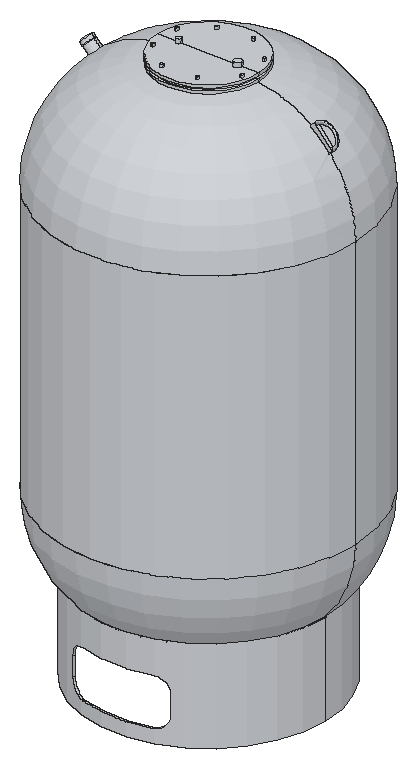
Revit family "TXA-500", category Mechanical Equipment, Revit 2014
Parameters (values of type "TXA-500")
  Void = 10"
  URL = "http://westank.com/"
  TankVolume = "132 Gallons"
  PartNumber = "20010500"
  OuterRadius = F / 2  # 12"
  Model = "TXA-500"
  MaximumOperatingTemperature = "240°F"
  MaximumOperatingPressure = "150 PSIG"
  Manufacturer = "Wessels Company"
  InnerRadius = (F * 0.9844) / 2  # 11.8128"
  HandleAngle = 35.00°
  G = 4 3/4"
  F = 24"
  C = 2"
  BottomOfTheCylinder = 6.11811"
  B = 57"
  ApproximateShipmentWeight = "347 lbs"
  AngleHeight = B * 0.7878  # 44.9046"
  Angle = 35.00°
  A = 30"
Reference planes (in)
  plane 1 "Center (Front/Back)": y = 0
  plane 2: z = 0
  plane 3 "Center (Left/Right)": x = 0
  plane 4: x = -15
  plane 5: x = -3
  plane 6: x = 3
  plane 7: z = 6.11811
  plane 8: y = 1.9685
  plane 9: y = -1.9685
  plane 10: x = 2.1751
  plane 11: x = -2.1751
  plane 12: z = 57
  plane 13: x = 15
  plane 14: z = 44.9046
  plane 15: x = -1
  plane 16: x = 1
  plane 17: z = 1.94094
  plane 18: x = 5.5
  plane 19: y = 0.11793
  plane 20: y = -0.11793
  plane 21: x = -15
  plane 22: x = 15
  plane 23: x = -12
  plane 24: x = 12
  plane 25: z = 56.818
  plane 26: z = 4.75
Forms (in)
  Revolve 1, solid
    sketch origin (0, 0, -5.125) x (1, 0, 0) y (0, 0, 1)
      loop
        line (0, 60.97933) -> (-4.67524, 60.97933)
        arc (-4.67524, 60.97933) -> (-12.02054, 57.44995) -> (-15, 49.86492) r 11.14461
        line (-15, 49.86492) -> (-15, 22.25504)
        arc (-15, 22.25504) -> (-12.22583, 14.91432) -> (-5.29009, 11.24311) r 11.09923
        line (-5.29009, 11.24311) -> (0, 11.24311) -> (0, 60.97933)
      axis (0, 60.97933) -> (0, 11.24311)
    angle from 0 to 360
  Extrusion 2, solid
    sketch origin (0, 0, 0) x (1, 0, 0) y (0, 1, 0)
      loop
        circle (0, 0) r 12
      loop
        circle (0, 0) r 11.8128
    from 14.91175 to 0
  Revolve 3, solid
    sketch origin (0, 0, 0) x (1, 0, 0) y (0, 0, 1)
      loop
        line (0, 56.64567) -> (0, 55.85433) -> (5.11891, 55.85433) -> (5.11891, 56.10433) -> (4.86891, 56.10433) -> (4.86891, 56.38832) -> (5.11891, 56.38832) -> (5.11891, 56.64567) -> (0, 56.64567)
      axis (0, 56.64567) -> (0, 55.85433)
    angle from 0 to 360
  Extrusion 4, solid
    sketch origin (-60.41868, -180, 55.85433) x (-1, 0, 0) y (0, -1, 0)
      loop
        circle (-57.41868, -180) r 0.25
      loop
        circle (-63.41868, -180) r 0.375
    from 1.14567 to 0.79134
  Revolve 5, solid
    sketch origin (-7.31158, 0, 48.6872) x (-0.707848, 0, 0.706364) y (-0.706364, 0, -0.707848)
      loop
        line (5.51677, 0) -> (5.51677, -0.64856) -> (6.78908, -0.64856) -> (6.81239, -0.67188) -> (7.15285, -0.67188)
        arc (7.15285, -0.67188) -> (7.26101, -0.34361) -> (7.22367, 0) r 0.81647
        line (7.22367, 0) -> (5.51677, 0)
      axis (5.51677, 0) -> (7.22367, 0)
    angle from 0 to 360
  Sweep 6, solid
    path origin (7.35449, 0, 49.12399) x (0.738543, 0, 0.674206) y (-0.674206, 0, 0.738543)
      loop
        arc (6.10198, 1.25) -> (7.35198, 0) -> (6.10198, -1.25) r 1.25
    profile origin (12.78424, 0, 54.08074) x (0.738543, 0, 0.674206) y (0, -1, 0)
      loop
        circle (0, 0) r 0.11811
  Extrusion 7, solid
    sketch origin (-0.375, -180, 1.94094) x (-1, 0, 0) y (0, -1, 0)
      loop
        circle (-0.375, -180) r 1
    from 2.80906 to 4.17717
  Extrusion 8, solid
    sketch origin (3.75409, 0, 45.83723) x (0.738543, 0, 0.674206) y (-0.674206, 0, 0.738543)
      loop
        line (10.97698, 1.36811) -> (10, 1.36811) -> (10, -1.35833) -> (10.97698, -1.35833) -> (10.97698, 1.36811)
    from 0.11793 to -0.11793
  Extrusion 9, solid
    sketch origin (-125.52133, 138.32342, 1.94094) x (0.743145, 0.66913, 0) y (-0.66913, 0.743145, 0)
      loop
        circle (1.625, -182.73886) r 0.14471
    from 54.87705 to 54.70472
  Extrusion 10, solid
    sketch origin (11.37747, 186.43906, 1.94094) x (0.997899, -0.064782, 0) y (0.064782, 0.997899, 0)
      loop
        circle (1.87447, -182.72266) r 0.14471
    from 54.87705 to 54.70472
  Extrusion 11, solid
    sketch origin (141.40967, 122.03391, 1.94094) x (0.650395, -0.759596, 0) y (0.759596, 0.650395, 0)
      loop
        circle (1.9502, -182.35906) r 0.14471
    from 54.87705 to 54.70472
  Extrusion 12, solid
    sketch origin (186.09748, -16.02186, 1.94094) x (-0.089639, -0.995974, 0) y (0.995974, -0.089639, 0)
      loop
        circle (1.58018, -182.24087) r 0.14471
    from 54.87705 to 54.70472
  Extrusion 13, solid
    sketch origin (118.47064, -144.40803, 1.94094) x (-0.775574, -0.631257, 0) y (0.631257, -0.775574, 0)
      loop
        circle (1.625, -182.73886) r 0.14471
    from 54.87705 to 54.70472
  Extrusion 14, solid
    sketch origin (-20.65629, -185.64021, 1.94094) x (-0.99343, 0.114441, 0) y (-0.114441, -0.99343, 0)
      loop
        circle (1.87336, -182.71025) r 0.14471
    from 54.87705 to 54.70472
  Extrusion 15, solid
    sketch origin (-147.31662, -114.83373, 1.94094) x (-0.611725, 0.79107, 0) y (-0.79107, -0.611725, 0)
      loop
        circle (1.93086, -182.34332) r 0.14471
    from 54.87705 to 54.70472
  Extrusion 16, solid
    sketch origin (-185.06756, 25.27789, 1.94094) x (0.139172, 0.990268, 0) y (-0.990268, 0.139172, 0)
      loop
        circle (1.55541, -182.24372) r 0.14471
    from 54.87705 to 54.70472
Cuts and joins
  joined: Revolve 1, Extrusion 2, Revolve 3, Revolve 5, Extrusion 8
Lines and regions (in)
  reference lines
    curve 1: line (0, 0, 44.9046) -> (-5.93885, 0, 49.06303)
    curve 2: line (0, 0, 44.9046) -> (5.93885, 0, 49.06303)
Dimensions and locks (in)
  equal spacing: plane 6, plane 3 "Center (Left/Right)", plane 5
  "BottomOfTheCylinder": plane 7 to level
  equal spacing: plane 11, plane 3 "Center (Left/Right)", plane 10
  equal spacing: plane 8, plane 1 "Center (Front/Back)", plane 9
  "B": plane 12 to level
  equal spacing: plane 13, plane 3 "Center (Left/Right)", plane 4
  "A": plane 13 to plane 4
  locked: plane 5 to Extrusion 4 sketch curve at 0
  locked: Extrusion 4 sketch curve to plane 1 "Center (Front/Back)" at 0  (x2)
  locked: Extrusion 4 sketch curve to plane 6 at 0
  "C": plane 16 to plane 15
  equal spacing: plane 16, plane 3 "Center (Left/Right)", plane 15
  equal spacing: plane 19, curve 2, plane 20
  equal spacing: plane 22, plane 3 "Center (Left/Right)", plane 21
  "A": plane 22 to plane 21
  equal spacing: plane 24, plane 3 "Center (Left/Right)", plane 23
  "F": plane 24 to plane 23
  locked: plane 12 to plane 25 at 0.182
  plane 7 to Extrusion 7 = 1.36811"
  "G": plane 26 to level
  "AngleHeight": plane 14 to level
  "OuterRadius": radius of Extrusion 2 sketch curve
  "InnerRadius": radius of Extrusion 2 sketch curve
  diameter of Extrusion 4 sketch curve = 3/4"
  "C": diameter of Extrusion 7 sketch curve
  "Angle": angle curve 1 to plane 14
  "HandleAngle": angle plane 14 to curve 2
  aligned and locked: level to plane 2
  aligned and locked: Extrusion 2 to level
  aligned and locked: Revolve 3 sketch curve to plane 3 "Center (Left/Right)"  (x2)
  aligned and locked: plane 4 to Revolve 1 sketch curve
  aligned and locked: plane 12 to Extrusion 4
  aligned and locked: plane 3 "Center (Left/Right)" to curve 1
  aligned and locked: plane 14 to curve 1
  aligned and locked: Revolve 5 sketch curve to Revolve 5 sketch curve
  aligned and locked: plane 14 to curve 2
  aligned and locked: plane 3 "Center (Left/Right)" to curve 2
  aligned and locked: plane 7 to Extrusion 7
  aligned and locked: Extrusion 8 sketch curve to Sweep 6
  aligned and locked: Extrusion 8 to plane 20
  aligned and locked: plane 19 to Extrusion 8
  aligned and locked: Extrusion 15 to Extrusion 16
  aligned and locked: Extrusion 9 to Extrusion 16
  aligned and locked: Extrusion 14 to Extrusion 9
  aligned and locked: Extrusion 10 to Extrusion 14
  aligned and locked: Extrusion 13 to Extrusion 10
  aligned and locked: Extrusion 11 to Extrusion 13
  aligned and locked: Extrusion 12 to Extrusion 13
  aligned and locked: Extrusion 11 to Extrusion 12
  aligned and locked: Extrusion 13 to Extrusion 12
  aligned and locked: Extrusion 10 to Extrusion 12
  aligned and locked: Extrusion 14 to Extrusion 12
  aligned and locked: Extrusion 9 to Extrusion 12
  aligned and locked: Extrusion 15 to Extrusion 9
  aligned and locked: Extrusion 16 to Extrusion 9
  aligned and locked: plane 25 to Extrusion 15
  aligned and locked: Extrusion 15 to Revolve 3
  aligned and locked: Extrusion 7 to plane 26
  aligned and locked: plane 1 "Center (Front/Back)" to nested 2
  aligned and locked: nested 2 to plane 3 "Center (Left/Right)"
Automatic sketch dimensions
  plane 6 to Revolve 3 sketch curve = 1.86891"
  Revolve 3 sketch curve to Revolve 3 sketch curve = 1/4"  (x3)
  Revolve 3 sketch curve to Revolve 3 sketch curve = 1/2"
  Revolve 1 sketch curve to plane 3 "Center (Left/Right)" = 0"  (x2)
  Revolve 1 sketch curve to plane 5 = 0.90077"
  Revolve 1 sketch curve to plane 5 = 0.85539"
  Revolve 1 sketch curve to plane 5 = 1.67524"
  Revolve 1 sketch curve to plane 5 = 2.29009"
  Revolve 1 sketch curve to level = 2.26259"
  Revolve 1 sketch curve to plane 7 = 0"
  plane 11 to Extrusion 9 sketch curve = 0.13744"
  plane 8 to Extrusion 9 sketch curve = 1.64072"
  plane 16 to Extrusion 10 sketch curve = 0.41095"
  plane 8 to Extrusion 10 sketch curve = 2.01028"
  Extrusion 11 sketch curve to plane 8 = 0.02145"
  plane 6 to Extrusion 11 sketch curve = 1.1589"
  plane 9 to Extrusion 12 sketch curve = 0.70873"
  plane 6 to Extrusion 12 sketch curve = 1.44861"
  Extrusion 13 sketch curve to plane 10 = 0.31987"
  Extrusion 13 sketch curve to plane 9 = 1.7378"
  Extrusion 14 sketch curve to plane 15 = 0.60782"
  Extrusion 14 sketch curve to plane 9 = 1.94747"
  plane 9 to Extrusion 15 sketch curve = 0.20625"
  Extrusion 15 sketch curve to plane 5 = 1.2514"
  Extrusion 16 sketch curve to plane 8 = 0.51348"
  Extrusion 16 sketch curve to plane 5 = 1.38091"
  curve 1 to Revolve 5 sketch curve = 6.22298"
  Revolve 5 sketch curve to Revolve 5 sketch curve = 0.93226"
  Revolve 5 sketch curve to Revolve 5 sketch curve = 0.34004"
  Revolve 5 sketch curve to Revolve 5 sketch curve = 0.02331"  (x2)
  Revolve 5 sketch curve to Revolve 5 sketch curve = 0.34046"
  Revolve 5 sketch curve to Revolve 5 sketch curve = 0.07081"
  curve 1 to Revolve 5 sketch curve = 0.5638"
  Revolve 5 sketch curve to Revolve 5 sketch curve = 0.39053"
  curve 1 to Revolve 5 sketch curve = 0.7062"
  Revolve 5 sketch curve to Revolve 5 sketch curve = 0.02633"
  curve 2 to Sweep 6 sketch curve = 7.18858"
  Sweep 6 sketch curve to curve 2 = 0.90941"
  Sweep 6 sketch curve to Sweep 6 sketch curve = 1 1/4"
  Sweep 6 sketch curve to profile plane = 0"  (x2)
  Extrusion 8 sketch curve to Extrusion 8 sketch curve = 0.97698"
  Extrusion 8 sketch curve to curve 2 = 2.26774"
  Extrusion 8 sketch curve to Extrusion 8 sketch curve = 2.72644"
  Revolve 3 sketch curve to Revolve 3 sketch curve = 0.28399"
  Revolve 3 sketch curve to plane 25 = 0.17233"
  Revolve 1 sketch curve to plane 14 = 0.16468"
  Revolve 1 sketch curve to Revolve 1 sketch curve = 1.77165"
  Revolve 3 sketch curve to Revolve 3 sketch curve = 0.25735"
  Revolve 3 sketch curve to Revolve 3 sketch curve = 0"
  Extrusion 2 sketch curve to Extrusion 2 sketch curve = 0"  (x2)
  plane 1 "Center (Front/Back)" to Extrusion 2 sketch curve = 0"
  Extrusion 2 sketch curve to plane 3 "Center (Left/Right)" = 0"
  plane 1 "Center (Front/Back)" to Extrusion 7 sketch curve = 0"
  Extrusion 7 sketch curve to plane 3 "Center (Left/Right)" = 0"
  radius of Extrusion 9 sketch curve = 0.14471"
  radius of Extrusion 10 sketch curve = 0.14471"
  radius of Extrusion 11 sketch curve = 0.14471"
  radius of Extrusion 12 sketch curve = 0.14471"
  radius of Extrusion 13 sketch curve = 0.14471"
  radius of Extrusion 14 sketch curve = 0.14471"
  radius of Extrusion 15 sketch curve = 0.14471"
  radius of Extrusion 16 sketch curve = 0.14471"
  radius of Sweep 6 sketch curve = 0.11811"
  radius of Extrusion 4 sketch curve = 1/4"
Nested families (in)
  nested 1: "BottomVoid" at (-0.0373, -11.99994, 3.90353) x (1, -0.0031, 0) z (-0.0031, -1, 0), type "BottomVoid"
    with VoidLength 10"
  nested 2: "ElbowConnector" at (0, 0, 4.75) x (0, -1, 0) z (0, 0, 1), PipeDiameter <- "C", type "ElbowConnector"
    with PipeDiameter 2", NutDiameter 2 1/2"
Connectors (in)
  piping at (0, -1.35433, 2.75), diameter 2, driven by "C"
    settings: on nested 2, index 1, connector inside diameter 24", connector length 0", flow factor 0, pipe flow 0 GPM, pressure drop 0.00 psi, fitting loss kfactor 0, connector angle 0.00°, fixture units 0, engagement length 0", angle of deflection 0.00°, flow configuration 0, flow direction 0, fitting loss method 0, system type 7, joint type 0, gender type 0, connector reference index -1, connector utility 0, adjustable connector no, is connector primary yes, connector description ""
Definition of nested family "ElbowConnector"
  Parameters (values of type "ElbowConnector")
    PipeDiameter [instance] = 2"
    NutDiameter [instance] = PipeDiameter * 1.25  # 2 1/2"
    Default Elevation = 48"
  Reference planes (in)
    plane 1 "Center (Front/Back)": y = 0
    plane 2: z = 0
    plane 3 "Center (Left/Right)": x = 0
    plane 4: y = 12.38632
    plane 5: x = 2
    plane 6: z = -2
    plane 7: z = -0.64561
    plane 8: z = 0.64561
    plane 9: z = -1.12604
    plane 10: x = 0.70866
    plane 11: x = 0.70866
    plane 12: x = 1.35433
  Forms (in)
    Extrusion 1, solid
      sketch origin (0, 0, 0) x (1, 0, 0) y (0, 1, 0)
        loop
          line (-48, 48) -> (-48, -48) -> (48, -48) -> (48, 48) -> (-48, 48)
      from 0 to -12
    Sweep 2, solid
      path origin (0, 0, 0) x (1, 0, 0) y (0, 0, 1)
        loop
          line (0, 0) -> (0, -0.67719)
          arc (0, -0.67719) -> (0.38744, -1.61256) -> (1.32281, -2) r 1.32281
          line (1.32281, -2) -> (1.35433, -2)
      profile origin (0, 0, -0.3386) x (0, -1, 0) y (1, 0, 0)
        loop
          circle (0, 0) r 1
    Extrusion 3, solid
      sketch origin (0.88583, -180, 0.64561) x (1, 0, 0) y (0, 1, 0)
        loop
          circle (-0.88583, 180) r 1.25
      from 0 to -1.29123
    Extrusion 4, solid
      sketch origin (1.35433, 0, -2) x (0, -1, 0) y (0, 0, -1)
        loop
          circle (0, 0) r 1.25
      from 0.64567 to -0.64567
  Dimensions and locks (in)
    locked: plane 5 to plane 3 "Center (Left/Right)" at 2
    "PipeDiameter": diameter of Sweep 2 sketch curve
    "NutDiameter": diameter of Extrusion 3 sketch curve
    "NutDiameter": diameter of Extrusion 4 sketch curve
    aligned and locked: plane 2 to Extrusion 1
    aligned and locked: level to Extrusion 1
    aligned and locked: plane 7 to Extrusion 3
    aligned and locked: plane 2 to Sweep 2 sketch curve
    aligned and locked: plane 12 to Sweep 2 sketch curve
    aligned and locked: plane 5 to Extrusion 4
  Automatic sketch dimensions
    Extrusion 1 sketch curve to Extrusion 1 sketch curve = 96"  (x2)
    Sweep 2 sketch curve to plane 3 "Center (Left/Right)" = 0"
    Sweep 2 sketch curve to plane 6 = 0"
    plane 7 to Sweep 2 sketch curve = 0.03158"
    plane 1 "Center (Front/Back)" to Sweep 2 sketch curve = 0"
    Sweep 2 sketch curve to profile plane = 0"
    plane 1 "Center (Front/Back)" to Extrusion 3 sketch curve = 0"
    Extrusion 3 sketch curve to plane 3 "Center (Left/Right)" = 0"
